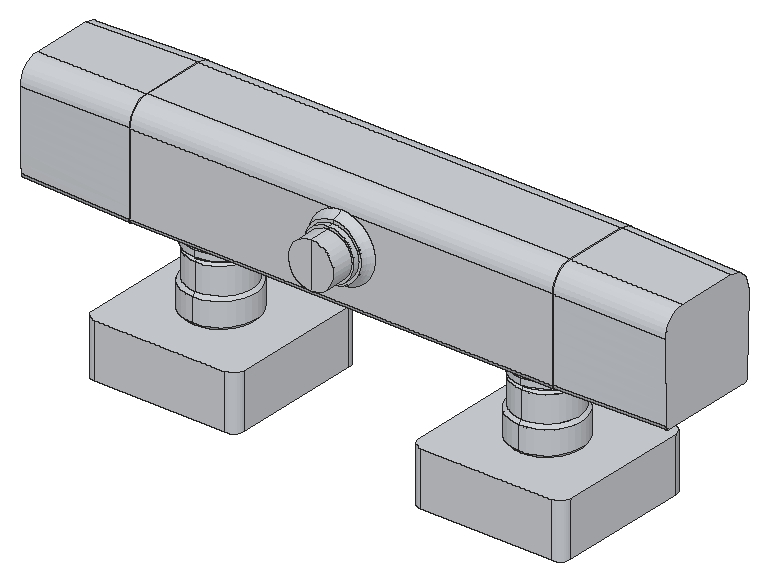
Revit family "ShowerMixer_Square_Ss3_Thermostatic_Vitra_AquaHeatSeries-A47160", category Plumbing Fixtures, Revit 2017
Family settings
  Round Connector Dimension = Use Diameter
  Part Type = Normal
  OmniClass Number = 23.45.55.17
  OmniClass Title = Mixing Faucets
  Work Plane-Based = No
  Always vertical = No
  Cut with Voids When Loaded = No
  Shared = Yes
  Room Calculation Point = No
Parameters (values of type "ShowerMixer_Square_Ss3_Thermostatic_Vitra_AquaHeatSeries-A47160")
  Youtube = "https://www.youtube.com/user/VitrAglobal"
  Width(mm) = 295 mm
  Weight Net (kg) = "3,100"
  Warranty Period (Year) = "10 Years"
  Uniformat II Description = "Plumbing Fixture"
  Uniformat II Code = "22 40 00"
  Uniclass 2015 Name = "Bath taps"
  Uniclass 2015 Code = "Pr_40_20_87_09"
  Uniclass 2.0 Description = "Bath taps"
  Uniclass 1.4 Description = "Mixer taps"
  Uniclass 2.0 Code = "Pr_40_20_87_09"
  Uniclass 1.4 Code = "L725111"
  URL = "https://vitraglobal.com/"
  UNSPSC Description = ""
  UNSPSC Code = "301815"
  Test Pressure = "16 bar"
  Technical description = "https://www.vitra.com.tr/pdf/A47160/"
  Tap hole Options (default) = ""
  Sustainability Performance = ""
  Specification = ""
  Region South America = "All"
  Region Oceania = "All"
  Region North America = "All"
  Region Middle East = "All"
  Region Europe = "All"
  Region Asia = "All"
  Region Antarctica = "All"
  Region Africa = "All"
  Range of flow pressure = "1 - 5 bar"
  Range of Hot Water Supply = "5 - 65 °C"
  Product url = ""
  Product group = "AquaHeat Shower Mixer"
  Product family = "AquaHeat"
  Product data url = "https://www.vitra.com.tr/armaturler/yikanma-alani-bataryalari/termostatik-bataryalar/aquaheat-ss3-dus-bataryasi-sku-A47160/"
  Product certification = "https://vitraglobal.com/catalogues/quality-certificates"
  Product Type = "Shower Mixer"
  Product SKU = "A47160"
  Product Properties = "Water Saving"
  Product Manual = ""
  Product Guid = ""
  Packaged Weight (kg) = ""
  Number Of Connections = 2 mm
  MountingType = "Wall Mounted"
  Min. flow pressure of = "0.5 bar"
  Main Material = "Brass"
  Hot Water temperature, factory set to = "38 °C"
  Hot Water Supply (max.) = "80 °C"
  HW Connection = yes
  GTIP code = ""
  Flow Rate(L/min. - 3 bar) = ""
  Features = ""
  EAN code = ""
  Date of publishing = ""
  Cost = 0
  Connection Diameter (mm) = 15 mm
  Coating Material = Chrome
  OmniClass Description = "Mixing Faucets"
  OmniClass Code = "23.45.55.17"
  Nominal width = "0.000"
  Nominal height = "0.000"
  NBS Referans Description = "Water supply fittings for baths"
  NBS Referans Code = "45-35-70/315"
  Model = "A47160"
  Masterformat 2014 Description = "Plumbing Fixtures"
  Masterformat 2014 Code = "22 40 00"
  Manufacturer name = "Vitra"
  Manufacturer = "Vitra"
  Installation instructions = ""
  IFC Classification = "Sanitary Terminal"
  Height(mm) = 78 mm
  Design country = "Turkey"
  Description = "Shower Mixer - Thermostatic - Square"
  Depth(mm) = 112 mm
  Color = "Chrome"
  Calculated flow = ""
  CW Connection = yes
  COBIe Type Category = ""
  Brand = "Artema"
  BIMobject category = "Bath/Shower Mixer"
  Article No. (default) = "A47160"
  Approvals = ""
  ApplicationType = ""
  Accessories (default) = ""
Types (4, lengths in mm): name | Warranty Period (Year) | Technical description | Product data url | Product SKU | Model | Brand | Article No. (default)
  (no name) | "10 Years" | "https://www.vitra.com.tr/pdf/A47160/" | "https://www.vitra.com.tr/armaturler/yikanma-alani-bataryalari/termostatik-bataryalar/aquaheat-ss3-dus-bataryasi-sku-A47160/" | "A47160" | "A47160" | "Artema" | "A47160"
  ShowerMixer_Square_Ss3_Thermostatic_Vitra_AquaHeatSeries-A47160 | "10 Years" | "https://www.vitra.com.tr/pdf/A47160/" | "https://www.vitra.com.tr/armaturler/yikanma-alani-bataryalari/termostatik-bataryalar/aquaheat-ss3-dus-bataryasi-sku-A47160/" | "A47160" | "A47160" | "Artema" | "A47160"
  ShowerMixer_Square_Ss3_Thermostatic_Vitra_AquaHeatSeries-A47160EKM | "7 Years" | "http://cdn.vitra.com.tr/501-A47160EKM-2A.jpg" | "https://www.vitra-bad.fr/fr/produits-sanitaires/page-de-detail/product/aquaheat-ss3-mitigeur-thermostatique-douche-chrome-ecoulement-douche-12-1.html" | "A47160EKM" | "A47160EKM" | "VitrA" | "A47160EKM"
  ShowerMixer_Square_Ss3_Thermostatic_Vitra_AquaHeatSeries-A47160EXP | "7 Years" | "http://cdn.vitra.com.tr/501-A47160EKM-2A.jpg" | "https://www.vitra-bad.fr/fr/produits-sanitaires/page-de-detail/product/aquaheat-ss3-mitigeur-thermostatique-douche-chrome-ecoulement-douche-12-1.html" | "A47160EXP" | "A47160EXP" | "VitrA" | "A47160EXP"
Reference planes
  plane 1 "Center (Front/Back)": y = 0
  plane 2: z = 0
  plane 3 "Center (Left/Right)": x = 0
  plane 4: y = 0
  plane 5: x = 147.4
  plane 6: x = -147.6
  plane 7: y = 37.5
  plane 8: y = -40.5
  plane 9: z = 112
Forms (mm)
  Extrusion 1, solid
    sketch origin (-75, 34.2, 0) x (1, 0, 0) y (0, 1, 0)
      loop
        arc (35, -4.2) -> (33.536, -0.664) -> (30, 0.8) r 5
        line (30, 0.8) -> (-30, 0.8)
        arc (-30, 0.8) -> (-33.536, -0.664) -> (-35, -4.2) r 5
        line (-35, -4.2) -> (-35, -64.2)
        arc (-35, -64.2) -> (-33.536, -67.736) -> (-30, -69.2) r 5
        line (-30, -69.2) -> (30, -69.2)
        arc (30, -69.2) -> (33.536, -67.736) -> (35, -64.2) r 5
        line (35, -64.2) -> (35, -4.2)
      loop
        arc (180, -69.2) -> (183.536, -67.736) -> (185, -64.2) r 5
        line (185, -64.2) -> (185, -4.2)
        arc (185, -4.2) -> (183.536, -0.664) -> (180, 0.8) r 5
        line (180, 0.8) -> (120, 0.8)
        arc (120, 0.8) -> (116.464, -0.664) -> (115, -4.2) r 5
        line (115, -4.2) -> (115, -64.2)
        arc (115, -64.2) -> (116.464, -67.736) -> (120, -69.2) r 5
        line (120, -69.2) -> (180, -69.2)
    from 0 to 25
  Blend 2, solid
    base sketch origin (97.402, -1.499, 84.295) x (0, 0, -1) y (0, -1, 0)
      loop
        line (21.78, -23.409) -> (21.795, 20.955)
        arc (21.795, 20.955) -> (21.209, 22.37) -> (19.795, 22.956) r 2
        line (19.795, 22.956) -> (-17.773, 22.956)
        arc (-17.773, 22.956) -> (-24.844, 20.027) -> (-27.773, 12.956) r 10
        line (-27.773, 12.956) -> (-27.773, -16.357)
        arc (-27.773, -16.357) -> (-24.754, -23.517) -> (-17.52, -26.354) r 10
        line (-17.52, -26.354) -> (19.831, -25.408)
        arc (19.831, -25.408) -> (21.212, -24.805) -> (21.78, -23.409) r 2
    top sketch origin (148.179, -1.531, 84.153) x (0, -1, 0) y (0, 0, -1)
      loop
        line (19.494, 21.168) -> (-22.624, 21.168)
        arc (-22.624, 21.168) -> (-24.02, 20.6) -> (-24.624, 19.218) r 2
        line (-24.624, 19.218) -> (-25.532, -16.642)
        arc (-25.532, -16.642) -> (-22.695, -23.876) -> (-15.535, -26.895) r 10
        line (-15.535, -26.895) -> (12.122, -26.895)
        arc (12.122, -26.895) -> (19.254, -23.904) -> (22.12, -16.72) r 10
        line (22.12, -16.72) -> (21.493, 19.203)
        arc (21.493, 19.203) -> (20.895, 20.594) -> (19.494, 21.168) r 2
    from 0 to 0
  Extrusion 3, solid
    sketch origin (97, -0.006, 87.522) x (0, 0, -1) y (0, 1, 0)
      loop
        arc (-24.546, -14.449) -> (-21.617, -21.52) -> (-14.546, -24.449) r 10
        line (-14.546, -24.449) -> (23.022, -24.449)
        arc (23.022, -24.449) -> (24.436, -23.863) -> (25.022, -22.448) r 2
        line (25.022, -22.448) -> (25.007, 21.916)
        arc (25.007, 21.916) -> (24.439, 23.312) -> (23.058, 23.915) r 2
        line (23.058, 23.915) -> (-14.293, 24.861)
        arc (-14.293, 24.861) -> (-21.527, 22.024) -> (-24.546, 14.864) r 10
        line (-24.546, 14.864) -> (-24.546, -14.449)
    from 0 to -194
  Blend 4, solid
    base sketch origin (-97.402, -1.499, 84.295) x (0, 0, -1) y (0, 1, 0)
      loop
        arc (21.78, 23.409) -> (21.212, 24.805) -> (19.831, 25.408) r 2
        line (19.831, 25.408) -> (-17.52, 26.354)
        arc (-17.52, 26.354) -> (-24.754, 23.517) -> (-27.773, 16.357) r 10
        line (-27.773, 16.357) -> (-27.773, -12.956)
        arc (-27.773, -12.956) -> (-24.844, -20.027) -> (-17.773, -22.956) r 10
        line (-17.773, -22.956) -> (19.795, -22.956)
        arc (19.795, -22.956) -> (21.209, -22.37) -> (21.795, -20.955) r 2
        line (21.795, -20.955) -> (21.78, 23.409)
    top sketch origin (-148.179, -1.531, 84.153) x (0, -1, 0) y (0, 0, 1)
      loop
        arc (19.494, -21.168) -> (20.895, -20.594) -> (21.493, -19.203) r 2
        line (21.493, -19.203) -> (22.12, 16.72)
        arc (22.12, 16.72) -> (19.254, 23.904) -> (12.122, 26.895) r 10
        line (12.122, 26.895) -> (-15.535, 26.895)
        arc (-15.535, 26.895) -> (-22.695, 23.876) -> (-25.532, 16.642) r 10
        line (-25.532, 16.642) -> (-24.624, -19.218)
        arc (-24.624, -19.218) -> (-24.02, -20.6) -> (-22.624, -21.168) r 2
        line (-22.624, -21.168) -> (19.494, -21.168)
    from 0 to 0
  Revolve 5, solid
    sketch origin (-0.047, -41.728, 76.946) x (0, 0, 1) y (0, -1, 0)
      loop
        line (10.471, 0) -> (10.471, -17.898) -> (26.705, -17.898)
        arc (26.705, -17.898) -> (24.461, -15.589) -> (23.554, -12.5) r 6.695
        line (23.554, -12.5) -> (22.144, -12.5) -> (22.144, -10) -> (20.943, -10) -> (20.943, 0) -> (10.471, 0)
      axis (10.471, -17.898) -> (10.471, 0)
    angle from 0 to 360
  Revolve 6, solid
    sketch origin (-75, 35, 0) x (0, -1, 0) y (0, 0, 1)
      loop
        line (49.945, 25) -> (51.083, 26.138) -> (51.083, 36.846) -> (49.501, 38.428) -> (49.501, 50.499) -> (48.5, 51.5) -> (45, 51.5) -> (45, 53) -> (50, 53) -> (50, 55.77)
        arc (50, 55.77) -> (51.253, 60.053) -> (54.617, 62.985) r 7.947
        line (54.617, 62.985) -> (35, 62.985) -> (35, 25) -> (49.945, 25)
      axis (35, 62.985) -> (35, 25)
    angle from 0 to 360
  Revolve 7, solid
    sketch origin (75, 35, 0) x (0, -1, 0) y (0, 0, -1)
      loop
        line (49.945, -25) -> (35, -25) -> (35, -62.985) -> (54.617, -62.985)
        arc (54.617, -62.985) -> (51.253, -60.053) -> (50, -55.77) r 7.947
        line (50, -55.77) -> (50, -53) -> (45, -53) -> (45, -51.5) -> (48.5, -51.5) -> (49.501, -50.499) -> (49.501, -38.428) -> (51.083, -36.846) -> (51.083, -26.138) -> (49.945, -25)
      axis (35, -62.985) -> (35, -25)
    angle from 0 to 360
  Revolve 8, solid
    sketch origin (-127.644, 31.853, 99.868) x (0, 0, -1) y (0, 1, 0)
      loop
        line (0.862, 0) -> (-0.132, 0) -> (-1.355, -1.026) -> (-1.355, -4.95)
        arc (-1.355, -4.95) -> (-1.948, -7.057) -> (-3.554, -8.546) r 4.04
        line (-3.554, -8.546) -> (12.368, -8.546) -> (12.368, 0) -> (12.368, 4.065)
        arc (12.368, 4.065) -> (6.813, 3.665) -> (1.348, 2.589) r 45.488
        arc (1.348, 2.589) -> (1.002, 2.363) -> (0.862, 1.975) r 0.651
        line (0.862, 1.975) -> (0.862, 0)
      axis (12.368, 4.065) -> (12.368, -8.546)
    angle from 0 to 360
  Revolve 9, solid
    sketch origin (127.644, 31.853, 99.868) x (0, 0, -1) y (0, -1, 0)
      loop
        line (0.862, 0) -> (0.862, -1.975)
        arc (0.862, -1.975) -> (1.002, -2.363) -> (1.348, -2.589) r 0.651
        arc (1.348, -2.589) -> (6.813, -3.665) -> (12.368, -4.065) r 45.488
        line (12.368, -4.065) -> (12.368, 0) -> (12.368, 8.546) -> (-3.554, 8.546)
        arc (-3.554, 8.546) -> (-1.948, 7.057) -> (-1.355, 4.95) r 4.04
        line (-1.355, 4.95) -> (-1.355, 1.026) -> (-0.132, 0) -> (0.862, 0)
      axis (12.368, -4.065) -> (12.368, 8.546)
    angle from 0 to 360
Lines and regions (mm)
  reference lines
    curve 1: line (-127.644, 31.853, 99.868) -> (-127.644, 31.853, 74.868)
Dimensions and locks
  "Width(mm)": plane 6 to plane 5
  "Height(mm)": plane 7 to plane 8
  "Depth(mm)": plane 9 to level
Automatic sketch dimensions
  curve 1 to plane 6 = 19.956 mm
  curve 1 to plane 9 = 12.132 mm
  curve 1 to curve 1 = 25 mm
  Extrusion 1 sketch curve to plane 7 = 7.5 mm  (x2)
  Extrusion 1 sketch curve to plane 6 = 37.6 mm
  Extrusion 1 sketch curve to plane 7 = 2.5 mm
  Extrusion 1 sketch curve to Extrusion 1 sketch curve = 5 mm  (x5)
  plane 8 to Extrusion 1 sketch curve = 5.5 mm  (x2)
  Extrusion 1 sketch curve to plane 3 "Center (Left/Right)" = 45 mm  (x2)
  plane 3 "Center (Left/Right)" to Extrusion 1 sketch curve = 40 mm
  plane 5 to Extrusion 1 sketch curve = 42.4 mm  (x2)
  plane 9 to Blend 2 sketch curve = 0.068 mm
  Blend 2 sketch curve to plane 9 = 9.932 mm  (x2)
  Blend 2 sketch curve to Blend 2 sketch curve = 0.253 mm
  Blend 2 sketch curve to plane 7 = 15.59 mm
  Blend 2 sketch curve to Blend 2 sketch curve = 37.3 mm
  plane 8 to Blend 2 sketch curve = 16.045 mm
  Blend 2 sketch curve to Blend 2 sketch curve = 37.567 mm
  Blend 2 sketch curve to plane 7 = 13.591 mm
  Blend 2 sketch curve to Blend 2 sketch curve = 0.051 mm
  Blend 2 sketch curve to plane 7 = 15.589 mm
  plane 8 to Blend 2 sketch curve = 18.046 mm
  Blend 2 sketch curve to Blend 2 sketch curve = 2 mm  (x2)
  Blend 2 sketch curve to plane 7 = 12.645 mm
  Blend 2 sketch curve to plane 7 = 13.499 mm
  Blend 2 sketch curve to plane 7 = 14.407 mm
  Blend 2 sketch curve to Blend 2 sketch curve = 1.999 mm
  Blend 2 sketch curve to plane 9 = 0.952 mm
  Blend 2 sketch curve to plane 1 "Center (Front/Back)" = 14.004 mm
  plane 1 "Center (Front/Back)" to Blend 2 sketch curve = 13.653 mm
  plane 8 to Blend 2 sketch curve = 19.476 mm
  Blend 2 sketch curve to plane 9 = 11.126 mm
  Blend 2 sketch curve to Blend 2 sketch curve = 9.998 mm
  Blend 2 sketch curve to Blend 2 sketch curve = 10 mm
  Blend 2 sketch curve to Blend 2 sketch curve = 35.81 mm
  Blend 2 sketch curve to Blend 2 sketch curve = 35.888 mm
  Blend 2 sketch curve to Blend 2 sketch curve = 0.035 mm
  plane 9 to Extrusion 3 sketch curve = 0.068 mm
  Extrusion 3 sketch curve to plane 9 = 9.932 mm  (x2)
  Extrusion 3 sketch curve to Extrusion 3 sketch curve = 0.253 mm
  Extrusion 3 sketch curve to plane 7 = 15.59 mm
  Extrusion 3 sketch curve to Extrusion 3 sketch curve = 37.3 mm
  plane 8 to Extrusion 3 sketch curve = 16.045 mm
  Extrusion 3 sketch curve to Extrusion 3 sketch curve = 37.567 mm
  Extrusion 3 sketch curve to plane 7 = 13.591 mm
  Extrusion 3 sketch curve to Extrusion 3 sketch curve = 0.051 mm
  Extrusion 3 sketch curve to plane 7 = 15.589 mm
  plane 8 to Extrusion 3 sketch curve = 18.046 mm
  Extrusion 3 sketch curve to Extrusion 3 sketch curve = 2 mm
  Extrusion 3 sketch curve to plane 1 "Center (Front/Back)" = 14.858 mm
  plane 9 to Blend 4 sketch curve = 0.068 mm
  Blend 4 sketch curve to plane 9 = 9.932 mm  (x2)
  Blend 4 sketch curve to Blend 4 sketch curve = 0.253 mm
  Blend 4 sketch curve to plane 7 = 15.59 mm
  Blend 4 sketch curve to Blend 4 sketch curve = 37.3 mm
  plane 8 to Blend 4 sketch curve = 16.045 mm
  Blend 4 sketch curve to Blend 4 sketch curve = 37.567 mm
  Blend 4 sketch curve to plane 7 = 13.591 mm
  Blend 4 sketch curve to Blend 4 sketch curve = 0.051 mm
  Blend 4 sketch curve to plane 7 = 15.589 mm
  plane 8 to Blend 4 sketch curve = 18.046 mm
  Blend 4 sketch curve to Blend 4 sketch curve = 2 mm  (x2)
  Blend 4 sketch curve to plane 1 "Center (Front/Back)" = 14.858 mm
  Blend 4 sketch curve to plane 7 = 13.499 mm
  Blend 4 sketch curve to plane 7 = 14.407 mm
  Blend 4 sketch curve to Blend 4 sketch curve = 1.999 mm
  Blend 4 sketch curve to plane 9 = 0.952 mm
  Blend 4 sketch curve to plane 1 "Center (Front/Back)" = 14.004 mm
  plane 1 "Center (Front/Back)" to Blend 4 sketch curve = 13.653 mm
  plane 8 to Blend 4 sketch curve = 19.476 mm
  Blend 4 sketch curve to plane 9 = 11.126 mm
  Blend 4 sketch curve to Blend 4 sketch curve = 9.998 mm
  Blend 4 sketch curve to plane 9 = 11.205 mm
  Blend 4 sketch curve to Blend 4 sketch curve = 35.888 mm
  Blend 4 sketch curve to Blend 4 sketch curve = 35.81 mm
  Blend 4 sketch curve to Blend 4 sketch curve = 0.035 mm
  Revolve 5 sketch curve to plane 8 = 1.228 mm
  Revolve 5 sketch curve to plane 9 = 24.582 mm
  Revolve 5 sketch curve to Revolve 5 sketch curve = 10.471 mm
  Revolve 5 sketch curve to Revolve 5 sketch curve = 1.201 mm
  Revolve 5 sketch curve to Revolve 5 sketch curve = 1.41 mm
  Revolve 5 sketch curve to Revolve 5 sketch curve = 3.152 mm
  Revolve 5 sketch curve to plane 9 = 4.811 mm
  plane 8 to Revolve 5 sketch curve = 8.772 mm
  Revolve 5 sketch curve to Revolve 5 sketch curve = 2.213 mm
  Revolve 5 sketch curve to Revolve 5 sketch curve = 2.5 mm
  Revolve 5 sketch curve to Revolve 5 sketch curve = 0 mm
  plane 8 to Revolve 5 sketch curve = 1.435 mm
  Revolve 5 sketch curve to Revolve 5 sketch curve = 3.713 mm
  Revolve 6 sketch curve to plane 1 "Center (Front/Back)" = 0 mm  (x2)
  plane 1 "Center (Front/Back)" to Revolve 6 sketch curve = 10 mm
  Revolve 6 sketch curve to Revolve 6 sketch curve = 3.5 mm
  Revolve 6 sketch curve to Revolve 6 sketch curve = 1.001 mm  (x2)
  Revolve 6 sketch curve to Revolve 6 sketch curve = 0.444 mm
  Revolve 6 sketch curve to Revolve 6 sketch curve = 1.5 mm  (x2)
  Revolve 6 sketch curve to Revolve 6 sketch curve = 1.138 mm  (x2)
  Revolve 6 sketch curve to Revolve 6 sketch curve = 4.617 mm
  Revolve 6 sketch curve to Revolve 6 sketch curve = 7.947 mm
  level to Revolve 6 sketch curve = 25 mm
  Revolve 6 sketch curve to Revolve 6 sketch curve = 10.709 mm
  Revolve 6 sketch curve to Revolve 6 sketch curve = 1.581 mm
  Revolve 6 sketch curve to Revolve 6 sketch curve = 12.071 mm
  Revolve 6 sketch curve to Revolve 6 sketch curve = 2.77 mm
  Revolve 6 sketch curve to Revolve 6 sketch curve = 4.489 mm
  Revolve 6 sketch curve to Revolve 6 sketch curve = 5.975 mm
  Revolve 7 sketch curve to plane 1 "Center (Front/Back)" = 0 mm  (x2)
  plane 1 "Center (Front/Back)" to Revolve 7 sketch curve = 10 mm
  Revolve 7 sketch curve to Revolve 7 sketch curve = 3.5 mm
  Revolve 7 sketch curve to Revolve 7 sketch curve = 1.001 mm  (x2)
  Revolve 7 sketch curve to Revolve 7 sketch curve = 0.444 mm
  Revolve 7 sketch curve to Revolve 7 sketch curve = 1.5 mm  (x2)
  Revolve 7 sketch curve to Revolve 7 sketch curve = 1.138 mm  (x2)
  Revolve 7 sketch curve to Revolve 7 sketch curve = 4.617 mm
  Revolve 7 sketch curve to Revolve 7 sketch curve = 7.947 mm
  Revolve 7 sketch curve to plane 9 = 49.015 mm
  Revolve 7 sketch curve to Revolve 7 sketch curve = 2.77 mm
  Revolve 7 sketch curve to Revolve 7 sketch curve = 12.071 mm
  Revolve 7 sketch curve to Revolve 7 sketch curve = 1.581 mm
  Revolve 7 sketch curve to Revolve 7 sketch curve = 10.709 mm
  Revolve 7 sketch curve to Revolve 7 sketch curve = 5.975 mm
  Revolve 7 sketch curve to Revolve 7 sketch curve = 10 mm
  Revolve 8 sketch curve to curve 1 = 0 mm  (x3)
  Revolve 8 sketch curve to curve 1 = 5.395 mm
  Revolve 8 sketch curve to curve 1 = 3.554 mm
  Revolve 8 sketch curve to curve 1 = 1.355 mm
  Revolve 8 sketch curve to curve 1 = 0.132 mm
  curve 1 to Revolve 8 sketch curve = 0.862 mm
  Revolve 8 sketch curve to Revolve 8 sketch curve = 0.651 mm
  curve 1 to Revolve 8 sketch curve = 12.368 mm
  Revolve 8 sketch curve to Revolve 8 sketch curve = 0 mm  (x2)
  Revolve 8 sketch curve to curve 1 = 12.147 mm
  curve 1 to Revolve 8 sketch curve = 1.026 mm
  Revolve 8 sketch curve to curve 1 = 4.95 mm
  Revolve 8 sketch curve to curve 1 = 41.42 mm
  curve 1 to Revolve 8 sketch curve = 1.959 mm
  Revolve 8 sketch curve to Revolve 8 sketch curve = 0.015 mm
  Revolve 8 sketch curve to curve 1 = 4.065 mm
  curve 1 to Revolve 8 sketch curve = 2.123 mm
  Revolve 8 sketch curve to Revolve 8 sketch curve = 3.152 mm
  Revolve 9 sketch curve to plane 9 = 6.737 mm
  Revolve 9 sketch curve to Revolve 9 sketch curve = 1.841 mm
  Revolve 9 sketch curve to Revolve 9 sketch curve = 4.04 mm
  Revolve 9 sketch curve to Revolve 9 sketch curve = 1.223 mm
  Revolve 9 sketch curve to Revolve 9 sketch curve = 0.994 mm
  Revolve 9 sketch curve to Revolve 9 sketch curve = 0.651 mm
  Revolve 9 sketch curve to Revolve 9 sketch curve = 13.723 mm
  Revolve 9 sketch curve to plane 7 = 1.582 mm
  Revolve 9 sketch curve to Revolve 9 sketch curve = 0 mm  (x3)
  plane 1 "Center (Front/Back)" to Revolve 9 sketch curve = 9.567 mm
  Revolve 9 sketch curve to plane 9 = 24.985 mm
  Revolve 9 sketch curve to plane 7 = 3.672 mm
  Revolve 9 sketch curve to Revolve 9 sketch curve = 0.015 mm
  Revolve 9 sketch curve to Revolve 9 sketch curve = 1.975 mm
  Revolve 9 sketch curve to Revolve 9 sketch curve = 1.026 mm
  Revolve 9 sketch curve to Revolve 9 sketch curve = 3.924 mm
  Revolve 9 sketch curve to Revolve 9 sketch curve = 4.065 mm
  Revolve 9 sketch curve to Revolve 9 sketch curve = 2.123 mm
  Revolve 9 sketch curve to Revolve 9 sketch curve = 3.152 mm
Connectors
  piping at (75, 0, 0), diameter 15
    settings: on Extrusion 1, index 1, connector inside diameter 609.6 mm, connector length 0 mm, flow factor 0, pipe flow 0.0 L/s, pressure drop 0.0 Pa, fitting loss kfactor 0, connector angle 0.00°, fixture units 0, engagement length 0 mm, angle of deflection 0.00°, flow configuration 0, flow direction 1, fitting loss method 0, system type 20, joint type 0, gender type 0, connector reference index -1, connector utility 0, adjustable connector no, is connector primary yes, connector description ""
  piping at (-75, 0, 0), diameter 15
    settings: on Extrusion 1, index 2, connector inside diameter 609.6 mm, connector length 0 mm, flow factor 0, pipe flow 0.0 L/s, pressure drop 0.0 Pa, fitting loss kfactor 0, connector angle 0.00°, fixture units 0, engagement length 0 mm, angle of deflection 0.00°, flow configuration 0, flow direction 1, fitting loss method 0, system type 19, joint type 0, gender type 0, connector reference index -1, connector utility 0, adjustable connector no, is connector primary no, connector description ""
